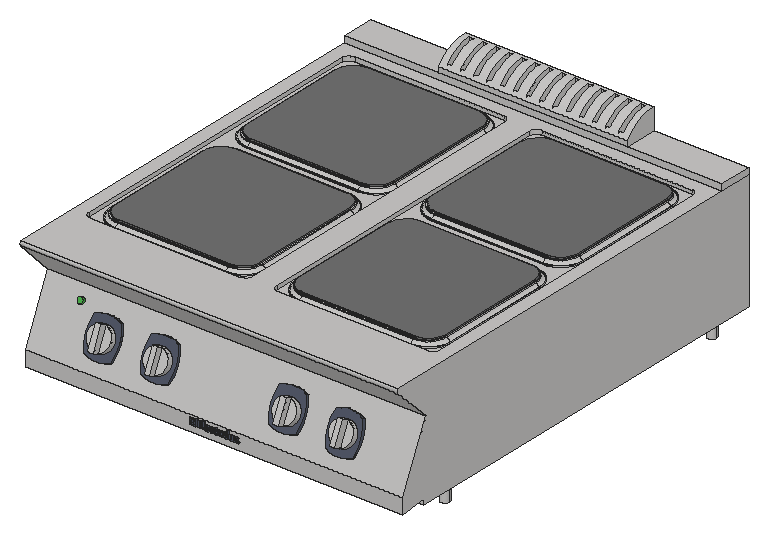
Revit family "QF_ELECTROLUXPROFESSIONAL_391166_E9ECEH4Q0N", category Specialty Equipment, Revit 2018
Family settings
  Round Connector Dimension = Use Diameter
  Part Type = Normal
  Work Plane-Based = No
  Always vertical = Yes
  Cut with Voids When Loaded = No
  Shared = No
  Room Calculation Point = No
Parameters
  Width = 800 mm  # constant formula
  Weight in Pounds = 69  # constant formula
  Watts = 16000 VA  # 16000 W
  Volts = 230 V  # constant formula
  URL Cutsheet = "www.electrolux.com/foodservice"
  URL = "www.electrolux.com/foodservice"
  Type Mark [instance] = ""
  Status [instance] = ""
  Specification by User [instance] = ""
  Specification by Manufacturer = ""
  Show Logo [instance] = yes
  Show Clearance [instance] = yes
  Serial Number = ""
  Seismic Rating = ""
  SMACNA No = ""
  Revision Code [instance] = ""
  Phase = 3  # constant formula
  Omniclass Number and Title = ""
  Number of Poles [instance] = 1
  NAFEM Spec ID Number = ""
  Model = "391166"
  Min Ckt Ampacity = 0 A
  Max Overcurrent Protection = 0 A
  Masterspec = ""
  Manufacturer = "ELECTROLUX"
  Item Number [instance] = ""
  Installed By [instance] = ""
  Identify Quantity as Lot [instance] = yes
  Height = 333 mm  # constant formula
  HP = "21.5 HP"
  Furnished By [instance] = ""
  Foodservice Equipment Identifier [instance] = yes
  FL Amps = if(Phase = 3, Watts / (Volts * 1.73), Watts / Volts)  # 40.2111 A
  Electrical Remarks [instance] = "230 V/3 ph/50/60 Hz"  # constant formula
  Electric Connection Type [instance] = ""
  Elec Conn RI Height [instance] = 0 mm
  Elec Conn Connection Height [instance] = 0 mm
  Direct Waste Size = 0"
  Description = "900XP 4 ELECTRIC HOT BOILING TOP PLATES 4kW -230V"
  Depth = 930 mm  # constant formula
  Cycle = if([60 Hertz Option], 60 Hz, 50 Hz)  # 60 Hz
  Conn Plug = ""
  Conn Conduit = yes
  CSI MasterFormat = ""
  CSI Master Format = ""
  Base Height [instance] = 24 mm  # constant formula
  Apparent Power = if(Phase = 3, Volts * FL Amps * 1.73, Volts * FL Amps)  # 16000 VA
  60 Hertz Option = not([50 Hertz Option])  # yes
  50 Hertz Option = no
Reference planes
  plane 1 "BACK": y = 0
  plane 2: z = 0
  plane 3 "LEFT": x = 0
  plane 4 "RIGHT": x = 800
  plane 5 "FRONT": y = -930
  plane 6 "TOP": z = 333
  plane 7 "Center Y": x = 400
  plane 8 "Center X": y = -465
  plane 9 "BASE": z = 24
  plane 10 "TOP A": z = 275
  plane 11: y = -790
  plane 12: y = -915
  plane 13: y = -82
  plane 14: y = -609
  plane 15: y = -583
Forms (mm)
  Extrusion 1, solid, material "QF_Finishes_Stainless Steel"
    sketch origin (0, 0, 0) x (0, 1, 0) y (0, 0, 1)
      loop
        line (0, 275) -> (-928.041, 275)
        arc (-928.041, 275) -> (-929.999, 270.526) -> (-928.201, 265.985) r 6.35
        line (-928.201, 265.985) -> (-856.039, 191.809) -> (-915, 63.041) -> (-915, 30.789) -> (-859.023, 36.7) -> (-859.023, 24) -> (0, 24) -> (0, 275)
    from 0 to 800
  Extrusion 2, void
    sketch origin (0, -198.623, 273.238) x (-1, 0, 0) y (0, -1, 0)
      loop
        arc (-42.5, -101.089) -> (-31.893, -96.696) -> (-27.5, -86.089) r 15
        line (-27.5, -86.089) -> (-27.5, 583.262)
        arc (-27.5, 583.262) -> (-31.893, 593.868) -> (-42.5, 598.262) r 15
        line (-42.5, 598.262) -> (-359.751, 598.262)
        arc (-359.751, 598.262) -> (-370.358, 593.868) -> (-374.751, 583.262) r 15
        line (-374.751, 583.262) -> (-374.751, -86.089)
        arc (-374.751, -86.089) -> (-370.358, -96.696) -> (-359.751, -101.089) r 15
        line (-359.751, -101.089) -> (-42.5, -101.089)
      loop
        line (-757.5, -101.089) -> (-440.249, -101.089)
        arc (-440.249, -101.089) -> (-429.642, -96.696) -> (-425.249, -86.089) r 15
        line (-425.249, -86.089) -> (-425.249, 583.262)
        arc (-425.249, 583.262) -> (-429.642, 593.868) -> (-440.249, 598.262) r 15
        line (-440.249, 598.262) -> (-757.5, 598.262)
        arc (-757.5, 598.262) -> (-768.107, 593.868) -> (-772.5, 583.262) r 15
        line (-772.5, 583.262) -> (-772.5, -86.089)
        arc (-772.5, -86.089) -> (-768.107, -96.696) -> (-757.5, -101.089) r 15
    from 1.763 to -6.35
  Extrusion 3, solid, material "QF_Finishes_Stainless Steel"
    sketch origin (0, -198.623, 0) x (1, 0, 0) y (0, 1, 0)
      loop
        circle (11.112, 116.623) r 9.525
      loop
        circle (11.112, -591.377) r 9.525
      loop
        circle (788.887, 116.623) r 9.525
      loop
        circle (788.888, -591.377) r 9.525
    from 0 to 24
  Extrusion 4, solid, material "QF_Clearances", visible <- "Show Clearance", detail levels coarse
    sketch origin (0, -198.623, 0) x (1, 0, 0) y (0, 1, 0)
      loop
        line (0, -731.377) -> (0, 198.623) -> (800, 198.623) -> (800, -731.377) -> (900.019, -731.377) -> (900.019, 298.642) -> (-100.019, 298.642) -> (-100.019, -731.377) -> (0, -731.377)
    from 0 to 333
  Extrusion 5, solid, material "QF_Finishes_Stainless Steel"
    sketch origin (0, -198.623, 266.888) x (-1, 0, 0) y (0, -1, 0)
      loop
        arc (-86.725, 266.377) -> (-58.441, 278.092) -> (-46.725, 306.377) r 40
        line (-46.725, 306.377) -> (-46.725, 541.377)
        arc (-46.725, 541.377) -> (-58.441, 569.661) -> (-86.725, 581.377) r 40
        line (-86.725, 581.377) -> (-321.725, 581.377)
        arc (-321.725, 581.377) -> (-350.009, 569.661) -> (-361.725, 541.377) r 40
        line (-361.725, 541.377) -> (-361.725, 306.377)
        arc (-361.725, 306.377) -> (-350.009, 278.092) -> (-321.725, 266.377) r 40
        line (-321.725, 266.377) -> (-86.725, 266.377)
      loop
        line (-86.725, 230.796) -> (-321.725, 230.796)
        arc (-321.725, 230.796) -> (-350.009, 219.08) -> (-361.725, 190.796) r 40
        line (-361.725, 190.796) -> (-361.725, -44.204)
        arc (-361.725, -44.204) -> (-350.009, -72.488) -> (-321.725, -84.204) r 40
        line (-321.725, -84.204) -> (-86.725, -84.204)
        arc (-86.725, -84.204) -> (-58.441, -72.488) -> (-46.725, -44.204) r 40
        line (-46.725, -44.204) -> (-46.725, 190.796)
        arc (-46.725, 190.796) -> (-58.441, 219.08) -> (-86.725, 230.796) r 40
      loop
        line (-713.275, 266.377) -> (-478.275, 266.377)
        arc (-478.275, 266.377) -> (-449.991, 278.092) -> (-438.275, 306.377) r 40
        line (-438.275, 306.377) -> (-438.275, 541.377)
        arc (-438.275, 541.377) -> (-449.991, 569.661) -> (-478.275, 581.377) r 40
        line (-478.275, 581.377) -> (-713.275, 581.377)
        arc (-713.275, 581.377) -> (-741.559, 569.661) -> (-753.275, 541.377) r 40
        line (-753.275, 541.377) -> (-753.275, 306.377)
        arc (-753.275, 306.377) -> (-741.559, 278.092) -> (-713.275, 266.377) r 40
      loop
        arc (-713.275, 230.796) -> (-741.559, 219.08) -> (-753.275, 190.796) r 40
        line (-753.275, 190.796) -> (-753.275, -44.204)
        arc (-753.275, -44.204) -> (-741.559, -72.488) -> (-713.275, -84.204) r 40
        line (-713.275, -84.204) -> (-478.275, -84.204)
        arc (-478.275, -84.204) -> (-449.991, -72.488) -> (-438.275, -44.204) r 40
        line (-438.275, -44.204) -> (-438.275, 190.796)
        arc (-438.275, 190.796) -> (-449.991, 219.08) -> (-478.275, 230.796) r 40
        line (-478.275, 230.796) -> (-713.275, 230.796)
    from 0 to 10
  Sweep 6, solid, material "QF_Finishes_Stainless Steel"
    path origin (0, -198.623, 276.888) x (-1, 0, 0) y (0, -1, 0)
      loop
        line (-46.725, 306.377) -> (-46.725, 541.377)
        arc (-46.725, 541.377) -> (-58.441, 569.661) -> (-86.725, 581.377) r 40
        line (-86.725, 581.377) -> (-321.725, 581.377)
        arc (-321.725, 581.377) -> (-350.009, 569.661) -> (-361.725, 541.377) r 40
        line (-361.725, 541.377) -> (-361.725, 306.377)
        arc (-361.725, 306.377) -> (-350.009, 278.092) -> (-321.725, 266.377) r 40
        line (-321.725, 266.377) -> (-86.725, 266.377)
        arc (-86.725, 266.377) -> (-58.441, 278.092) -> (-46.725, 306.377) r 40
    profile origin (46.725, -622.5, 276.888) x (1, 0, 0) y (0, 0, 1)
      loop
        arc (0, -1.759) -> (-2.638, -5.472) -> (-6.35, -8.109) r 13.651
        line (-6.35, -8.109) -> (-8.064, -8.109) -> (-8.064, -10) -> (0, -10) -> (0, -1.759)
  Sweep 7, solid, material "QF_Finishes_Stainless Steel"
    path origin (0, 151.957, 276.888) x (-1, 0, 0) y (0, -1, 0)
      loop
        line (-46.725, 306.377) -> (-46.725, 541.377)
        arc (-46.725, 541.377) -> (-58.441, 569.661) -> (-86.725, 581.377) r 40
        line (-86.725, 581.377) -> (-321.725, 581.377)
        arc (-321.725, 581.377) -> (-350.009, 569.661) -> (-361.725, 541.377) r 40
        line (-361.725, 541.377) -> (-361.725, 306.377)
        arc (-361.725, 306.377) -> (-350.009, 278.092) -> (-321.725, 266.377) r 40
        line (-321.725, 266.377) -> (-86.725, 266.377)
        arc (-86.725, 266.377) -> (-58.441, 278.092) -> (-46.725, 306.377) r 40
    profile origin (46.725, -271.919, 276.888) x (1, 0, 0) y (0, 0, 1)
      loop
        arc (0, -1.759) -> (-2.638, -5.472) -> (-6.35, -8.109) r 13.651
        line (-6.35, -8.109) -> (-8.064, -8.109) -> (-8.064, -10) -> (0, -10) -> (0, -1.759)
  Extrusion 8, solid, material "QF_Finishes_Rubber Black"
    sketch origin (0, -198.623, 276.888) x (-1, 0, 0) y (0, -1, 0)
      loop
        arc (-49.725, 190.796) -> (-60.562, 216.959) -> (-86.725, 227.796) r 37
        line (-86.725, 227.796) -> (-321.725, 227.796)
        arc (-321.725, 227.796) -> (-347.888, 216.959) -> (-358.725, 190.796) r 37
        line (-358.725, 190.796) -> (-358.725, -44.204)
        arc (-358.725, -44.204) -> (-347.888, -70.367) -> (-321.725, -81.204) r 37
        line (-321.725, -81.204) -> (-86.725, -81.204)
        arc (-86.725, -81.204) -> (-60.562, -70.367) -> (-49.725, -44.204) r 37
        line (-49.725, -44.204) -> (-49.725, 190.796)
      loop
        arc (-86.725, 269.377) -> (-60.562, 280.214) -> (-49.725, 306.377) r 37
        line (-49.725, 306.377) -> (-49.725, 541.377)
        arc (-49.725, 541.377) -> (-60.562, 567.54) -> (-86.725, 578.377) r 37
        line (-86.725, 578.377) -> (-321.725, 578.377)
        arc (-321.725, 578.377) -> (-347.888, 567.54) -> (-358.725, 541.377) r 37
        line (-358.725, 541.377) -> (-358.725, 306.377)
        arc (-358.725, 306.377) -> (-347.888, 280.214) -> (-321.725, 269.377) r 37
        line (-321.725, 269.377) -> (-86.725, 269.377)
      loop
        line (-750.275, 190.796) -> (-750.275, -44.204)
        arc (-750.275, -44.204) -> (-739.438, -70.367) -> (-713.275, -81.204) r 37
        line (-713.275, -81.204) -> (-478.275, -81.204)
        arc (-478.275, -81.204) -> (-452.112, -70.367) -> (-441.275, -44.204) r 37
        line (-441.275, -44.204) -> (-441.275, 190.796)
        arc (-441.275, 190.796) -> (-452.112, 216.959) -> (-478.275, 227.796) r 37
        line (-478.275, 227.796) -> (-713.275, 227.796)
        arc (-713.275, 227.796) -> (-739.438, 216.959) -> (-750.275, 190.796) r 37
      loop
        line (-713.275, 269.377) -> (-478.275, 269.377)
        arc (-478.275, 269.377) -> (-452.112, 280.214) -> (-441.275, 306.377) r 37
        line (-441.275, 306.377) -> (-441.275, 541.377)
        arc (-441.275, 541.377) -> (-452.112, 567.54) -> (-478.275, 578.377) r 37
        line (-478.275, 578.377) -> (-713.275, 578.377)
        arc (-713.275, 578.377) -> (-739.438, 567.54) -> (-750.275, 541.377) r 37
        line (-750.275, 541.377) -> (-750.275, 306.377)
        arc (-750.275, 306.377) -> (-739.438, 280.214) -> (-713.275, 269.377) r 37
    from 0 to 2
  Extrusion 9, solid, material "QF_Finishes_Green"
    sketch origin (0, -915, 63.041) x (0, 0.416318, 0.909219) y (-1, 0, 0)
      loop
        circle (111.946, -80.648) r 6.35
    from 0 to 3.175
  Extrusion 10, solid, material "QF_Finishes_Stainless Steel"
    sketch origin (-24.783, -926.544, 74) x (0, 0.421077, 0.907025) y (-1, 0, 0)
      loop
        arc (85.433, -567.049) -> (86.101, -561.263) -> (85.433, -555.477) r 25.4
        line (85.433, -555.477) -> (35.969, -555.477)
        arc (35.969, -555.477) -> (35.301, -561.263) -> (35.969, -567.049) r 25.4
        line (35.969, -567.049) -> (85.433, -567.049)
      loop
        arc (85.433, -687.049) -> (86.101, -681.263) -> (85.433, -675.477) r 25.4
        line (85.433, -675.477) -> (35.969, -675.477)
        arc (35.969, -675.477) -> (35.301, -681.263) -> (35.969, -687.049) r 25.4
        line (35.969, -687.049) -> (85.433, -687.049)
      loop
        line (85.433, -282.517) -> (35.969, -282.517)
        arc (35.969, -282.517) -> (35.301, -288.303) -> (35.969, -294.089) r 25.4
        line (35.969, -294.089) -> (85.433, -294.089)
        arc (85.433, -294.089) -> (86.101, -288.303) -> (85.433, -282.517) r 25.4
      loop
        line (85.433, -162.517) -> (35.969, -162.517)
        arc (35.969, -162.517) -> (35.301, -168.303) -> (35.969, -174.089) r 25.4
        line (35.969, -174.089) -> (85.433, -174.089)
        arc (85.433, -174.089) -> (86.101, -168.303) -> (85.433, -162.517) r 25.4
    from 0 to 12.7
  Extrusion 11, solid, material "QF_Finishes_Stainless Steel"
    sketch origin (417.5, -915.025, 66.777) x (0, 0.421077, 0.907025) y (-1, 0, 0)
      loop
        circle (62.576, -119.037) r 25.4
      loop
        circle (62.576, -239.037) r 25.4
      loop
        circle (62.576, 154.037) r 25.4
      loop
        circle (62.576, 274.037) r 25.4
    from 0 to 12.7
  Extrusion 12, solid, material "QF_Finishes_Stainless Steel"
    sketch origin (0, -300.223, 24) x (-1, 0, 0) y (0, 1, 0)
      loop
        circle (-649, -308.777) r 12.7
    from 0 to 12.7
  Extrusion 13, solid, material "QF_Finishes_Stainless Steel"
    sketch origin (0, -300.223, 24) x (-1, 0, 0) y (0, 1, 0)
      loop
        circle (-739, -282.777) r 12.7
    from 0 to 12.7
  Extrusion 14, solid, material "QF_Finishes_Navy Blue - Electrolux"
    sketch origin (0, -915, 63.041) x (0, 0.416318, 0.909219) y (-1, 0, 0)
      loop
        arc (103.364, -507.24) -> (68.487, -500.223) -> (33.619, -507.285) r 89.894
        arc (33.619, -507.285) -> (26.924, -535.815) -> (33.619, -564.346) r 64.14
        arc (33.619, -564.346) -> (68.487, -571.411) -> (103.364, -564.39) r 89.853
        arc (103.364, -564.39) -> (110.078, -535.815) -> (103.364, -507.24) r 64.16
      loop
        arc (100.864, -627.597) -> (65.987, -620.58) -> (31.119, -627.641) r 89.894
        arc (31.119, -627.641) -> (24.424, -656.172) -> (31.119, -684.703) r 64.14
        arc (31.119, -684.703) -> (65.987, -691.768) -> (100.864, -684.747) r 89.853
        arc (100.864, -684.747) -> (107.578, -656.172) -> (100.864, -627.597) r 64.16
      loop
        arc (103.364, -292.76) -> (110.078, -264.185) -> (103.364, -235.61) r 64.16
        arc (103.364, -235.61) -> (68.487, -228.589) -> (33.619, -235.654) r 89.853
        arc (33.619, -235.654) -> (26.924, -264.185) -> (33.619, -292.715) r 64.14
        arc (33.619, -292.715) -> (68.487, -299.777) -> (103.364, -292.76) r 89.894
      loop
        arc (100.864, -172.403) -> (107.578, -143.828) -> (100.864, -115.253) r 64.16
        arc (100.864, -115.253) -> (65.987, -108.232) -> (31.119, -115.297) r 89.853
        arc (31.119, -115.297) -> (24.424, -143.828) -> (31.119, -172.359) r 64.14
        arc (31.119, -172.359) -> (65.987, -179.42) -> (100.864, -172.403) r 89.894
    from 0 to 4
  Extrusion 15, solid, material "QF_Finishes_Stainless Steel"
    sketch origin (200, 0, 0) x (0, 1, 0) y (0, 0, 1)
      loop
        line (0, 287.778) -> (0, 333.762)
        arc (0, 333.762) -> (-38.885, 325.372) -> (-69.85, 300.4) r 86.116
        line (-69.85, 300.4) -> (-69.85, 287.778) -> (0, 287.778)
    from 0 to 400
  Extrusion 16, void
    sketch origin (200, 0, 273.237) x (-1, 0, 0) y (0, -1, 0)
      loop
        line (-13.453, 6.761) -> (-13.453, 63.911) -> (-22.749, 63.911) -> (-22.749, 6.761) -> (-13.453, 6.761)
    from 25.4 to 63.5
  Extrusion 17, void
    sketch origin (600.05, 0, 273.237) x (1, 0, 0) y (0, 1, 0)
      loop
        line (-13.503, -6.761) -> (-22.799, -6.761) -> (-22.799, -63.911) -> (-13.503, -63.911) -> (-13.503, -6.761)
    from 25.4 to 63.5
  Extrusion 18, void
    sketch origin (227.988, 0, 273.237) x (-1, 0, 0) y (0, -1, 0)
      loop
        line (-13.453, 6.761) -> (-13.453, 63.911) -> (-22.749, 63.911) -> (-22.749, 6.761) -> (-13.453, 6.761)
    from 25.4 to 63.5
  Extrusion 19, void
    sketch origin (255.977, 0, 273.237) x (-1, 0, 0) y (0, -1, 0)
      loop
        line (-13.453, 6.761) -> (-13.453, 63.911) -> (-22.749, 63.911) -> (-22.749, 6.761) -> (-13.453, 6.761)
    from 25.4 to 63.5
  Extrusion 20, void
    sketch origin (283.965, 0, 273.237) x (-1, 0, 0) y (0, -1, 0)
      loop
        line (-13.428, 6.761) -> (-13.428, 63.911) -> (-22.724, 63.911) -> (-22.724, 6.761) -> (-13.428, 6.761)
    from 25.4 to 63.5
  Extrusion 21, void
    sketch origin (311.953, 0, 273.237) x (-1, 0, 0) y (0, -1, 0)
      loop
        line (-13.428, 6.761) -> (-13.428, 63.911) -> (-22.724, 63.911) -> (-22.724, 6.761) -> (-13.428, 6.761)
    from 25.4 to 63.5
  Extrusion 22, void
    sketch origin (339.942, 0, 273.237) x (-1, 0, 0) y (0, -1, 0)
      loop
        line (-13.428, 6.761) -> (-13.428, 63.911) -> (-22.724, 63.911) -> (-22.724, 6.761) -> (-13.428, 6.761)
    from 25.4 to 63.5
  Extrusion 23, void
    sketch origin (367.93, 0, 273.237) x (-1, 0, 0) y (0, -1, 0)
      loop
        line (-13.428, 6.761) -> (-13.428, 63.911) -> (-22.724, 63.911) -> (-22.724, 6.761) -> (-13.428, 6.761)
    from 25.4 to 63.5
  Extrusion 24, void
    sketch origin (395.918, 0, 273.237) x (-1, 0, 0) y (0, -1, 0)
      loop
        line (-13.428, 6.761) -> (-13.428, 63.911) -> (-22.724, 63.911) -> (-22.724, 6.761) -> (-13.428, 6.761)
    from 25.4 to 63.5
  Extrusion 25, void
    sketch origin (423.907, 0, 273.237) x (-1, 0, 0) y (0, -1, 0)
      loop
        line (-13.428, 6.761) -> (-13.428, 63.911) -> (-22.724, 63.911) -> (-22.724, 6.761) -> (-13.428, 6.761)
    from 25.4 to 63.5
  Extrusion 26, void
    sketch origin (451.895, 0, 273.237) x (-1, 0, 0) y (0, -1, 0)
      loop
        line (-13.428, 6.761) -> (-13.428, 63.911) -> (-22.724, 63.911) -> (-22.724, 6.761) -> (-13.428, 6.761)
    from 25.4 to 63.5
  Extrusion 27, void
    sketch origin (479.884, 0, 273.237) x (-1, 0, 0) y (0, -1, 0)
      loop
        line (-13.403, 6.761) -> (-13.403, 63.911) -> (-22.699, 63.911) -> (-22.699, 6.761) -> (-13.403, 6.761)
    from 25.4 to 63.5
  Extrusion 28, void
    sketch origin (507.872, 0, 273.237) x (-1, 0, 0) y (0, -1, 0)
      loop
        line (-13.403, 6.761) -> (-13.403, 63.911) -> (-22.699, 63.911) -> (-22.699, 6.761) -> (-13.403, 6.761)
    from 25.4 to 63.5
  Extrusion 29, void
    sketch origin (535.86, 0, 273.237) x (-1, 0, 0) y (0, -1, 0)
      loop
        line (-13.403, 6.761) -> (-13.403, 63.911) -> (-22.699, 63.911) -> (-22.699, 6.761) -> (-13.403, 6.761)
    from 25.4 to 63.5
  Sweep 30, solid, material "QF_Finishes_Stainless Steel"
    path origin (800, -198.623, 276.887) x (1, 0, 0) y (0, 1, 0)
      loop
        arc (-46.725, -306.377) -> (-58.441, -278.092) -> (-86.725, -266.377) r 40
        line (-86.725, -266.377) -> (-321.725, -266.377)
        arc (-321.725, -266.377) -> (-350.009, -278.092) -> (-361.725, -306.377) r 40
        line (-361.725, -306.377) -> (-361.725, -541.377)
        arc (-361.725, -541.377) -> (-350.009, -569.661) -> (-321.725, -581.377) r 40
        line (-321.725, -581.377) -> (-86.725, -581.377)
        arc (-86.725, -581.377) -> (-58.441, -569.661) -> (-46.725, -541.377) r 40
        line (-46.725, -541.377) -> (-46.725, -306.377)
    profile origin (753.275, -622.5, 276.888) x (1, 0, 0) y (0, 0, 1)
      loop
        line (0, -1.759) -> (0, -10) -> (8.064, -10) -> (8.064, -8.109) -> (6.35, -8.109)
        arc (6.35, -8.109) -> (2.638, -5.472) -> (0, -1.759) r 13.651
  Sweep 31, solid, material "QF_Finishes_Stainless Steel"
    path origin (800, 151.957, 276.887) x (1, 0, 0) y (0, 1, 0)
      loop
        arc (-46.725, -306.377) -> (-58.441, -278.092) -> (-86.725, -266.377) r 40
        line (-86.725, -266.377) -> (-321.725, -266.377)
        arc (-321.725, -266.377) -> (-350.009, -278.092) -> (-361.725, -306.377) r 40
        line (-361.725, -306.377) -> (-361.725, -541.377)
        arc (-361.725, -541.377) -> (-350.009, -569.661) -> (-321.725, -581.377) r 40
        line (-321.725, -581.377) -> (-86.725, -581.377)
        arc (-86.725, -581.377) -> (-58.441, -569.661) -> (-46.725, -541.377) r 40
        line (-46.725, -541.377) -> (-46.725, -306.377)
    profile origin (753.275, -271.919, 276.888) x (1, 0, 0) y (0, 0, 1)
      loop
        line (0, -1.759) -> (0, -10) -> (8.064, -10) -> (8.064, -8.109) -> (6.35, -8.109)
        arc (6.35, -8.109) -> (2.638, -5.472) -> (0, -1.759) r 13.651
  Extrusion 32, solid, material "QF_Finishes_Navy Blue", visible <- "Show Logo"
    sketch origin (0, -915, 31.09) x (0, 0, 1) y (-1, 0, 0)
      loop
        line (27.074, -357.34) -> (14.707, -357.34)
        arc (14.707, -357.34) -> (20.891, -361.912) -> (27.074, -357.34) r 6.467
      loop
        arc (27.074, -356.711) -> (25.905, -351.568) -> (21.249, -349.09) r 6.338
        line (21.249, -349.09) -> (21.249, -351.136)
        arc (21.249, -351.136) -> (22.733, -354.791) -> (26.178, -356.711) r 5.941
        line (26.178, -356.711) -> (27.074, -356.711)
      loop
        arc (15.603, -356.711) -> (19.048, -354.791) -> (20.532, -351.136) r 5.941
        line (20.532, -351.136) -> (20.532, -349.09)
        arc (20.532, -349.09) -> (15.838, -351.564) -> (14.548, -356.711) r 6.504
        line (14.548, -356.711) -> (15.603, -356.711)
      loop
        line (27.749, -348.621) -> (14.004, -348.621) -> (14.004, -362.384) -> (27.749, -362.384) -> (27.749, -348.621)
      loop
        arc (27.832, -365.352) -> (27.485, -364.994) -> (27.118, -365.332) r 0.358
        arc (27.118, -365.332) -> (26.804, -366.082) -> (26.087, -366.467) r 1.216
        line (26.087, -366.467) -> (15.674, -366.467)
        arc (15.674, -366.467) -> (15.014, -366.19) -> (14.618, -365.593) r 1.238
        arc (14.618, -365.593) -> (14.223, -365.342) -> (13.918, -365.696) r 0.358
        line (13.918, -365.696) -> (13.918, -375.575) -> (16.669, -375.575) -> (16.669, -374.678)
        arc (16.669, -374.678) -> (15.76, -374.098) -> (15.304, -373.121) r 1.928
        line (15.304, -373.121) -> (15.304, -370.622)
        arc (15.304, -370.622) -> (15.58, -369.893) -> (16.268, -369.529) r 1.101
        line (16.268, -369.529) -> (20.355, -369.529) -> (20.355, -373.203)
        arc (20.355, -373.203) -> (20.002, -373.7) -> (19.437, -373.928) r 1.083
        arc (19.437, -373.928) -> (19.173, -374.233) -> (19.465, -374.511) r 0.292
        line (19.465, -374.511) -> (22.428, -374.511)
        arc (22.428, -374.511) -> (22.73, -374.238) -> (22.492, -373.908) r 0.305
        arc (22.492, -373.908) -> (22.001, -373.66) -> (21.696, -373.203) r 1.083
        line (21.696, -373.203) -> (21.696, -369.529) -> (26.373, -369.529) -> (26.373, -373.277)
        arc (26.373, -373.277) -> (26.159, -374.032) -> (25.553, -374.53) r 1.314
        arc (25.553, -374.53) -> (25.334, -374.934) -> (25.688, -375.227) r 0.361
        line (25.688, -375.227) -> (27.832, -375.227) -> (27.832, -365.352)
      loop
        arc (27.115, -376.007) -> (26.735, -376.926) -> (25.816, -377.306) r 1.299
        line (25.816, -377.306) -> (16.237, -377.306)
        arc (16.237, -377.306) -> (15.399, -376.928) -> (15.128, -376.05) r 1.118
        line (15.128, -376.05) -> (13.918, -376.05) -> (13.918, -381.4) -> (15.106, -381.4)
        arc (15.106, -381.4) -> (15.378, -380.483) -> (16.248, -380.087) r 1.153
        line (16.248, -380.087) -> (28.32, -380.087) -> (27.115, -376.007)
      loop
        line (18.883, -384.036) -> (18.883, -390.484) -> (19.682, -390.484)
        arc (19.682, -390.484) -> (22.262, -389.499) -> (23.531, -387.046) r 3.874
        line (23.531, -387.046) -> (23.531, -385.285)
        arc (23.531, -385.285) -> (22.344, -382.42) -> (19.48, -381.234) r 4.051
        line (19.48, -381.234) -> (17.472, -381.234)
        arc (17.472, -381.234) -> (14.653, -382.719) -> (13.602, -385.726) r 4.352
        arc (13.602, -385.726) -> (13.966, -388.189) -> (15.343, -390.264) r 5.713
        line (15.343, -390.264) -> (16.292, -390.264)
        arc (16.292, -390.264) -> (15.56, -388.694) -> (15.343, -386.976) r 5.579
        arc (15.343, -386.976) -> (16.137, -385.013) -> (18.016, -384.036) r 3.057
        line (18.016, -384.036) -> (18.883, -384.036)
      loop
        line (20.142, -384.036) -> (20.142, -387.619)
        arc (20.142, -387.619) -> (21.599, -387.666) -> (22.482, -386.506) r 1.59
        line (22.482, -386.506) -> (22.482, -385.676)
        arc (22.482, -385.676) -> (21.617, -384.421) -> (20.142, -384.036) r 2.184
      loop
        arc (22.933, -399.901) -> (23.422, -398.227) -> (23.579, -396.49) r 9.023
        line (23.579, -396.49) -> (23.579, -395.128)
        arc (23.579, -395.128) -> (22.42, -392.328) -> (19.62, -391.169) r 3.959
        line (19.62, -391.169) -> (17.02, -391.169)
        arc (17.02, -391.169) -> (14.738, -392.461) -> (13.621, -394.834) r 4.331
        line (13.621, -394.834) -> (13.621, -396.969)
        arc (13.621, -396.969) -> (14.129, -398.519) -> (15.051, -399.865) r 5.772
        arc (15.051, -399.865) -> (15.812, -399.916) -> (15.899, -399.157) r 0.553
        arc (15.899, -399.157) -> (15.511, -398.423) -> (15.377, -397.604) r 2.573
        line (15.377, -397.604) -> (15.377, -396.089)
        arc (15.377, -396.089) -> (16.383, -394.448) -> (18.198, -393.805) r 2.884
        line (18.198, -393.805) -> (19.477, -393.805)
        arc (19.477, -393.805) -> (21.298, -394.365) -> (22.224, -396.03) r 2.554
        line (22.224, -396.03) -> (22.224, -397.083)
        arc (22.224, -397.083) -> (21.893, -398.011) -> (21.236, -398.746) r 2.564
        arc (21.236, -398.746) -> (21.014, -399.463) -> (21.623, -399.901) r 0.643
        line (21.623, -399.901) -> (22.933, -399.901)
      loop
        line (21.915, -400.172) -> (21.915, -401.673) -> (15.867, -401.673)
        arc (15.867, -401.673) -> (14.279, -402.33) -> (13.621, -403.918) r 2.246
        line (13.621, -403.918) -> (13.621, -405.502)
        arc (13.621, -405.502) -> (13.935, -406.367) -> (14.435, -407.138) r 4.06
        arc (14.435, -407.138) -> (15.168, -407.271) -> (15.419, -406.57) r 0.576
        arc (15.419, -406.57) -> (15.313, -406.045) -> (15.377, -405.512) r 1.69
        arc (15.377, -405.512) -> (15.919, -404.724) -> (16.825, -404.421) r 1.506
        line (16.825, -404.421) -> (21.963, -404.421) -> (21.963, -406.818) -> (22.519, -407.375) -> (23.341, -407.375) -> (23.341, -404.515) -> (26.572, -404.515) -> (21.915, -400.172)
      loop
        line (13.838, -408.272) -> (13.838, -413.659) -> (14.948, -413.659)
        arc (14.948, -413.659) -> (15.342, -412.708) -> (16.293, -412.314) r 1.345
        line (16.293, -412.314) -> (19.909, -412.314)
        arc (19.909, -412.314) -> (20.674, -412.906) -> (20.964, -413.828) r 1.615
        line (20.964, -413.828) -> (20.964, -415.384) -> (23.519, -416.069) -> (23.519, -414.686) -> (21.577, -412.127) -> (23.457, -412.127) -> (23.173, -409.421)
        arc (23.173, -409.421) -> (22.733, -408.891) -> (22.074, -409.092) r 0.621
        arc (22.074, -409.092) -> (21.674, -409.434) -> (21.18, -409.617) r 1.501
        line (21.18, -409.617) -> (16.293, -409.617)
        arc (16.293, -409.617) -> (15.342, -409.223) -> (14.948, -408.272) r 1.345
        line (14.948, -408.272) -> (13.838, -408.272)
      loop
        line (19.94, -415.606) -> (17.248, -415.606)
        arc (17.248, -415.606) -> (14.803, -416.914) -> (13.669, -419.445) r 4.288
        arc (13.669, -419.445) -> (13.605, -420.825) -> (13.669, -422.205) r 15.022
        arc (13.669, -422.205) -> (14.803, -424.736) -> (17.248, -426.043) r 4.288
        line (17.248, -426.043) -> (19.94, -426.043)
        arc (19.94, -426.043) -> (22.386, -424.736) -> (23.519, -422.205) r 4.288
        arc (23.519, -422.205) -> (23.583, -420.825) -> (23.519, -419.445) r 15.022
        arc (23.519, -419.445) -> (22.386, -416.914) -> (19.94, -415.606) r 4.288
      loop
        line (20.145, -418.721) -> (17.043, -418.721)
        arc (17.043, -418.721) -> (14.886, -420.877) -> (17.043, -423.034) r 2.157
        line (17.043, -423.034) -> (20.145, -423.034)
        arc (20.145, -423.034) -> (22.302, -420.877) -> (20.145, -418.721) r 2.157
      loop
        arc (27.126, -425.902) -> (26.755, -426.796) -> (25.861, -427.166) r 1.264
        line (25.861, -427.166) -> (15.997, -427.166)
        arc (15.997, -427.166) -> (15.127, -426.769) -> (14.855, -425.853) r 1.153
        line (14.855, -425.853) -> (13.918, -425.853) -> (13.918, -430.961) -> (14.846, -430.961)
        arc (14.846, -430.961) -> (15.205, -430.189) -> (15.997, -429.874) r 1.153
        line (15.997, -429.874) -> (28.32, -429.874) -> (27.126, -425.902)
      loop
        arc (22.246, -430.499) -> (22.047, -431.563) -> (21.078, -432.045) r 1.215
        line (21.078, -432.045) -> (16.058, -432.045)
        arc (16.058, -432.045) -> (14.443, -432.693) -> (13.722, -434.276) r 2.338
        line (13.722, -434.276) -> (13.722, -435.79)
        arc (13.722, -435.79) -> (13.897, -436.794) -> (14.399, -437.68) r 2.979
        line (14.399, -437.68) -> (13.918, -439.477) -> (13.918, -441.166) -> (23.343, -441.166) -> (23.049, -436.962) -> (22.263, -436.962)
        arc (22.263, -436.962) -> (21.907, -437.798) -> (21.155, -438.307) r 1.605
        line (21.155, -438.307) -> (16.052, -438.307)
        arc (16.052, -438.307) -> (15.632, -437.37) -> (15.559, -436.346) r 2.94
        arc (15.559, -436.346) -> (16.12, -435.245) -> (17.273, -434.802) r 1.724
        line (17.273, -434.802) -> (23.47, -434.802) -> (22.246, -430.499)
      loop
        line (23.274, -442.019) -> (21.602, -444.065) -> (18.428, -446.371) -> (14.972, -443.259)
        arc (14.972, -443.259) -> (14.735, -442.865) -> (14.757, -442.406) r 0.789
        line (14.757, -442.406) -> (13.918, -442.406) -> (13.918, -445.951) -> (14.744, -445.951)
        arc (14.744, -445.951) -> (15.086, -445.589) -> (15.576, -445.681) r 0.52
        line (15.576, -445.681) -> (17.376, -447.152) -> (15.258, -448.528)
        arc (15.258, -448.528) -> (14.857, -448.218) -> (14.77, -447.718) r 0.7
        line (14.77, -447.718) -> (13.918, -447.718) -> (13.918, -453.645) -> (14.805, -453.645)
        arc (14.805, -453.645) -> (14.872, -452.986) -> (15.266, -452.455) r 1.247
        line (15.266, -452.455) -> (19.466, -449.174) -> (21.913, -451.227) -> (23.274, -452.969) -> (23.274, -449.246) -> (21.789, -449.668) -> (20.268, -448.391) -> (21.968, -447.201) -> (23.274, -447.978) -> (23.274, -442.019)
    from 0 to 1.644
  Extrusion 33, solid, material "QF_Finishes_Stainless Steel"
    sketch origin (800, 0, 0) x (0, 1, 0) y (0, 0, 1)
      loop
        line (-69.85, 275) -> (0, 275) -> (0, 287.778) -> (-69.85, 287.778) -> (-69.85, 275)
    from 0 to -800
Cuts and joins
  Extrusion 2 cuts Extrusion 1
  Extrusion 2 cuts Extrusion 5
  Extrusion 16, Extrusion 17, Extrusion 18, Extrusion 19, Extrusion 20, Extrusion 21, Extrusion 22, Extrusion 23, Extrusion 24, Extrusion 25, Extrusion 26, Extrusion 27, Extrusion 28, Extrusion 29 cuts Extrusion 15
Lines and regions (mm)
  symbolic lines, style "QF_Clearances", visible <- "Show Clearance", detail levels coarse
    curve 1: line (-100.019, 100.019, 275) -> (-100.019, -930, 275)
    curve 2: line (900.019, 100.019, 275) -> (-100.019, 100.019, 275)
    curve 3: line (900.019, -930, 275) -> (900.019, 100.019, 275)
  symbolic lines
    curve 4: line (400, -930, 275) -> (0, -930, 275)
    curve 5: line (27.5, -781.885, 266.888) -> (27.5, -112.534, 266.888)
    curve 6: line (42.5, -97.534, 266.888) -> (359.751, -97.534, 266.887)
    curve 7: line (374.751, -112.534, 266.887) -> (374.751, -781.885, 266.887)
    curve 8: line (359.751, -796.885, 266.887) -> (42.5, -796.885, 266.888)
    curve 9: arc (42.5, -97.534, 266.888) -> (31.893, -101.928, 266.888) -> (27.5, -112.534, 266.888) r 15
    curve 10: arc (374.751, -112.534, 266.887) -> (370.358, -101.928, 266.887) -> (359.751, -97.534, 266.887) r 15
    curve 11: arc (359.751, -796.885, 266.887) -> (370.358, -792.492, 266.887) -> (374.751, -781.885, 266.887) r 15
    curve 12: arc (27.5, -781.885, 266.888) -> (31.893, -792.492, 266.888) -> (42.5, -796.885, 266.888) r 15
    curve 13: arc (86.725, -117.419, 266.888) -> (60.562, -128.256, 266.888) -> (49.725, -154.419, 266.888) r 37
    curve 14: line (49.725, -154.419, 266.888) -> (49.725, -389.419, 266.888)
    curve 15: arc (49.725, -389.419, 266.888) -> (60.562, -415.582, 266.888) -> (86.725, -426.419, 266.888) r 37
    curve 16: line (86.725, -426.419, 266.888) -> (321.725, -426.419, 266.887)
    curve 17: arc (321.725, -426.419, 266.887) -> (347.888, -415.582, 266.887) -> (358.725, -389.419, 266.887) r 37
    curve 18: line (358.725, -389.419, 266.887) -> (358.725, -154.419, 266.887)
    curve 19: arc (358.725, -154.419, 266.887) -> (347.888, -128.256, 266.887) -> (321.725, -117.419, 266.887) r 37
    curve 20: line (321.725, -117.419, 266.887) -> (86.725, -117.419, 266.888)
    curve 21: arc (86.725, -114.419, 266.888) -> (58.441, -126.135, 266.888) -> (46.725, -154.419, 266.888) r 40
    curve 22: line (46.725, -154.419, 266.888) -> (46.725, -389.419, 266.888)
    curve 23: arc (46.725, -389.419, 266.888) -> (58.441, -417.704, 266.888) -> (86.725, -429.419, 266.888) r 40
    curve 24: line (86.725, -429.419, 266.888) -> (321.725, -429.419, 266.887)
    curve 25: arc (321.725, -429.419, 266.887) -> (350.009, -417.704, 266.887) -> (361.725, -389.419, 266.887) r 40
    curve 26: line (361.725, -389.419, 266.887) -> (361.725, -154.419, 266.887)
    curve 27: arc (361.725, -154.419, 266.887) -> (350.009, -126.135, 266.887) -> (321.725, -114.419, 266.887) r 40
    curve 28: line (321.725, -114.419, 266.887) -> (86.725, -114.419, 266.888)
    curve 29: arc (40.375, -154.419, 266.888) -> (53.951, -121.645, 266.888) -> (86.725, -108.069, 266.888) r 46.35
    curve 30: line (86.725, -108.069, 266.888) -> (321.725, -108.069, 266.887)
    curve 31: arc (321.725, -108.069, 266.887) -> (354.499, -121.645, 266.887) -> (368.075, -154.419, 266.887) r 46.35
    curve 32: line (368.075, -154.419, 266.887) -> (368.075, -389.419, 266.887)
    curve 33: arc (368.075, -389.419, 266.887) -> (354.499, -422.194, 266.887) -> (321.725, -435.769, 266.887) r 46.35
    curve 34: line (321.725, -435.769, 266.887) -> (86.725, -435.769, 266.888)
    curve 35: arc (86.725, -435.769, 266.888) -> (53.951, -422.194, 266.888) -> (40.375, -389.419, 266.888) r 46.35
    curve 36: line (40.375, -389.419, 266.888) -> (40.375, -154.419, 266.888)
    curve 37: arc (86.725, -106.355, 266.888) -> (52.738, -120.433, 266.888) -> (38.661, -154.419, 266.888) r 48.064
    curve 38: line (38.661, -154.419, 266.888) -> (38.661, -389.419, 266.888)
    curve 39: arc (38.661, -389.419, 266.888) -> (52.738, -423.406, 266.888) -> (86.725, -437.484, 266.888) r 48.064
    curve 40: line (86.725, -437.484, 266.888) -> (321.725, -437.484, 266.887)
    curve 41: arc (321.725, -437.484, 266.887) -> (355.712, -423.406, 266.887) -> (369.789, -389.419, 266.887) r 48.064
    curve 42: line (369.789, -389.419, 266.887) -> (369.789, -154.419, 266.887)
    curve 43: arc (369.789, -154.419, 266.887) -> (355.712, -120.433, 266.887) -> (321.725, -106.355, 266.887) r 48.064
    curve 44: line (321.725, -106.355, 266.887) -> (86.725, -106.355, 266.888)
    curve 45: arc (86.725, -465, 266.888) -> (58.441, -476.716, 266.888) -> (46.725, -505, 266.888) r 40
    curve 46: line (46.725, -505, 266.888) -> (46.725, -740, 266.888)
    curve 47: arc (46.725, -740, 266.888) -> (58.441, -768.284, 266.888) -> (86.725, -780, 266.888) r 40
    curve 48: line (86.725, -780, 266.888) -> (321.725, -780, 266.887)
    curve 49: arc (321.725, -780, 266.887) -> (350.009, -768.284, 266.887) -> (361.725, -740, 266.887) r 40
    curve 50: line (361.725, -740, 266.887) -> (361.725, -505, 266.887)
    curve 51: arc (361.725, -505, 266.887) -> (350.009, -476.716, 266.887) -> (321.725, -465, 266.887) r 40
    curve 52: line (321.725, -465, 266.887) -> (86.725, -465, 266.888)
    curve 53: arc (86.725, -468, 266.888) -> (60.562, -478.837, 266.888) -> (49.725, -505, 266.888) r 37
    curve 54: line (49.725, -505, 266.888) -> (49.725, -740, 266.888)
    curve 55: arc (49.725, -740, 266.888) -> (60.562, -766.163, 266.888) -> (86.725, -777, 266.888) r 37
    curve 56: line (86.725, -777, 266.888) -> (321.725, -777, 266.887)
    curve 57: arc (321.725, -777, 266.887) -> (347.888, -766.163, 266.887) -> (358.725, -740, 266.887) r 37
    curve 58: line (358.725, -740, 266.887) -> (358.725, -505, 266.887)
    curve 59: arc (358.725, -505, 266.887) -> (347.888, -478.837, 266.887) -> (321.725, -468, 266.887) r 37
    curve 60: line (321.725, -468, 266.887) -> (86.725, -468, 266.888)
    curve 61: line (0, -930, 266.888) -> (0, 0, 266.888)
    curve 62: line (222.724, -6.761, 275) -> (222.724, -63.911, 275)
    curve 63: line (222.724, -63.911, 275) -> (213.428, -63.911, 275)
    curve 64: line (213.428, -63.911, 275) -> (213.428, -6.761, 275)
    curve 65: line (213.428, -6.761, 275) -> (222.724, -6.761, 275)
    curve 66: line (586.547, -6.761, 275) -> (586.547, -63.911, 275)
    curve 67: line (586.547, -63.911, 275) -> (577.251, -63.911, 275)
    curve 68: line (577.251, -63.911, 275) -> (577.251, -6.761, 275)
    curve 69: line (577.251, -6.761, 275) -> (586.547, -6.761, 275)
    curve 70: line (250.712, -6.761, 275) -> (250.712, -63.911, 275)
    curve 71: line (250.712, -63.911, 275) -> (241.416, -63.911, 275)
    curve 72: line (241.416, -63.911, 275) -> (241.416, -6.761, 275)
    curve 73: line (241.416, -6.761, 275) -> (250.712, -6.761, 275)
    curve 74: line (278.7, -6.761, 275) -> (278.7, -63.911, 275)
    curve 75: line (278.7, -63.911, 275) -> (269.405, -63.911, 275)
    curve 76: line (269.405, -63.911, 275) -> (269.405, -6.761, 275)
    curve 77: line (269.405, -6.761, 275) -> (278.7, -6.761, 275)
    curve 78: line (306.689, -6.761, 275) -> (306.689, -63.911, 275)
    curve 79: line (306.689, -63.911, 275) -> (297.393, -63.911, 275)
    curve 80: line (297.393, -63.911, 275) -> (297.393, -6.761, 275)
    curve 81: line (297.393, -6.761, 275) -> (306.689, -6.761, 275)
    curve 82: line (334.677, -6.761, 275) -> (334.677, -63.911, 275)
    curve 83: line (334.677, -63.911, 275) -> (325.381, -63.911, 275)
    curve 84: line (325.381, -63.911, 275) -> (325.381, -6.761, 275)
    curve 85: line (325.381, -6.761, 275) -> (334.677, -6.761, 275)
    curve 86: line (362.665, -6.761, 275) -> (362.665, -63.911, 275)
    curve 87: line (362.665, -63.911, 275) -> (353.37, -63.911, 275)
    curve 88: line (353.37, -63.911, 275) -> (353.37, -6.761, 275)
    curve 89: line (353.37, -6.761, 275) -> (362.665, -6.761, 275)
    curve 90: line (390.654, -6.761, 275) -> (390.654, -63.911, 275)
    curve 91: line (390.654, -63.911, 275) -> (381.358, -63.911, 275)
    curve 92: line (381.358, -63.911, 275) -> (381.358, -6.761, 275)
    curve 93: line (381.358, -6.761, 275) -> (390.654, -6.761, 275)
    curve 94: line (418.642, -6.761, 275) -> (418.642, -63.911, 275)
    curve 95: line (418.642, -63.911, 275) -> (409.346, -63.911, 275)
    curve 96: line (409.346, -63.911, 275) -> (409.346, -6.761, 275)
    curve 97: line (409.346, -6.761, 275) -> (418.642, -6.761, 275)
    curve 98: line (446.605, -6.761, 275) -> (446.605, -63.911, 275)
    curve 99: line (446.605, -63.911, 275) -> (437.31, -63.911, 275)
    curve 100: line (437.31, -63.911, 275) -> (437.31, -6.761, 275)
    curve 101: line (437.31, -6.761, 275) -> (446.605, -6.761, 275)
    curve 102: line (474.594, -6.761, 275) -> (474.594, -63.911, 275)
    curve 103: line (474.594, -63.911, 275) -> (465.298, -63.911, 275)
    curve 104: line (465.298, -63.911, 275) -> (465.298, -6.761, 275)
    curve 105: line (465.298, -6.761, 275) -> (474.594, -6.761, 275)
    curve 106: line (502.582, -6.761, 275) -> (502.582, -63.911, 275)
    curve 107: line (502.582, -63.911, 275) -> (493.286, -63.911, 275)
    curve 108: line (493.286, -63.911, 275) -> (493.286, -6.761, 275)
    curve 109: line (493.286, -6.761, 275) -> (502.582, -6.761, 275)
    curve 110: line (530.57, -6.761, 275) -> (530.57, -63.911, 275)
    curve 111: line (530.57, -63.911, 275) -> (521.275, -63.911, 275)
    curve 112: line (521.275, -63.911, 275) -> (521.275, -6.761, 275)
    curve 113: line (521.275, -6.761, 275) -> (530.57, -6.761, 275)
    curve 114: line (558.559, -6.761, 275) -> (558.559, -63.911, 275)
    curve 115: line (558.559, -63.911, 275) -> (549.263, -63.911, 275)
    curve 116: line (549.263, -63.911, 275) -> (549.263, -6.761, 275)
    curve 117: line (549.263, -6.761, 275) -> (558.559, -6.761, 275)
    curve 118: line (600, -69.85, 275) -> (200, -69.85, 275)
    curve 119: line (200, 0, 266.887) -> (200, -69.85, 266.887)
    curve 120: line (600, -69.85, 266.887) -> (600, 0, 266.887)
    curve 121: arc (713.275, -117.419, 266.887) -> (739.438, -128.256, 266.887) -> (750.275, -154.419, 266.887) r 37
    curve 122: line (750.275, -154.419, 266.888) -> (750.275, -389.419, 266.888)
    curve 123: arc (750.275, -389.419, 266.887) -> (739.438, -415.582, 266.887) -> (713.275, -426.419, 266.887) r 37
    curve 124: line (713.275, -426.419, 266.888) -> (478.275, -426.419, 266.887)
    curve 125: arc (478.275, -426.419, 266.887) -> (452.112, -415.582, 266.887) -> (441.275, -389.419, 266.887) r 37
    curve 126: line (441.275, -389.419, 266.887) -> (441.275, -154.419, 266.887)
    curve 127: arc (441.275, -154.419, 266.887) -> (452.112, -128.256, 266.887) -> (478.275, -117.419, 266.887) r 37
    curve 128: line (478.275, -117.419, 266.887) -> (713.275, -117.419, 266.888)
    curve 129: arc (713.275, -114.419, 266.887) -> (741.559, -126.135, 266.887) -> (753.275, -154.419, 266.887) r 40
    curve 130: line (753.275, -154.419, 266.888) -> (753.275, -389.419, 266.888)
    curve 131: arc (753.275, -389.419, 266.887) -> (741.559, -417.704, 266.887) -> (713.275, -429.419, 266.887) r 40
    curve 132: line (713.275, -429.419, 266.888) -> (478.275, -429.419, 266.887)
    curve 133: arc (478.275, -429.419, 266.887) -> (449.991, -417.704, 266.887) -> (438.275, -389.419, 266.887) r 40
    curve 134: line (438.275, -389.419, 266.887) -> (438.275, -154.419, 266.887)
    curve 135: arc (438.275, -154.419, 266.887) -> (449.991, -126.135, 266.887) -> (478.275, -114.419, 266.887) r 40
    curve 136: line (478.275, -114.419, 266.887) -> (713.275, -114.419, 266.888)
    curve 137: arc (759.625, -154.419, 266.887) -> (746.049, -121.645, 266.887) -> (713.275, -108.069, 266.887) r 46.35
    curve 138: line (713.275, -108.069, 266.888) -> (478.275, -108.069, 266.887)
    curve 139: arc (478.275, -108.069, 266.887) -> (445.501, -121.645, 266.887) -> (431.925, -154.419, 266.887) r 46.35
    curve 140: line (431.925, -154.419, 266.887) -> (431.925, -389.419, 266.887)
    curve 141: arc (431.925, -389.419, 266.887) -> (445.501, -422.194, 266.887) -> (478.275, -435.769, 266.887) r 46.35
    curve 142: line (478.275, -435.769, 266.887) -> (713.275, -435.769, 266.888)
    curve 143: arc (713.275, -435.769, 266.887) -> (746.049, -422.194, 266.887) -> (759.625, -389.419, 266.887) r 46.35
    curve 144: line (759.625, -389.419, 266.888) -> (759.625, -154.419, 266.888)
    curve 145: arc (713.275, -106.355, 266.887) -> (747.262, -120.433, 266.887) -> (761.339, -154.419, 266.887) r 48.064
    curve 146: line (761.339, -154.419, 266.888) -> (761.339, -389.419, 266.888)
    curve 147: arc (761.339, -389.419, 266.887) -> (747.262, -423.406, 266.887) -> (713.275, -437.484, 266.887) r 48.064
    curve 148: line (713.275, -437.484, 266.888) -> (478.275, -437.484, 266.887)
    curve 149: arc (478.275, -437.484, 266.887) -> (444.288, -423.406, 266.887) -> (430.211, -389.419, 266.887) r 48.064
    curve 150: line (430.211, -389.419, 266.887) -> (430.211, -154.419, 266.887)
    curve 151: arc (430.211, -154.419, 266.887) -> (444.288, -120.433, 266.887) -> (478.275, -106.355, 266.887) r 48.064
    curve 152: line (478.275, -106.355, 266.887) -> (713.275, -106.355, 266.888)
    curve 153: line (86.725, -458.65, 266.888) -> (321.725, -458.65, 266.887)
    curve 154: arc (321.725, -458.65, 266.887) -> (354.499, -472.226, 266.887) -> (368.075, -505, 266.887) r 46.35
    curve 155: line (368.075, -505, 266.887) -> (368.075, -740, 266.887)
    curve 156: arc (368.075, -740, 266.887) -> (354.499, -772.774, 266.887) -> (321.725, -786.35, 266.887) r 46.35
    curve 157: line (321.725, -786.35, 266.887) -> (86.725, -786.35, 266.888)
    curve 158: arc (86.725, -786.35, 266.888) -> (53.951, -772.774, 266.888) -> (40.375, -740, 266.888) r 46.35
    curve 159: line (40.375, -740, 266.888) -> (40.375, -505, 266.888)
    curve 160: arc (40.375, -505, 266.888) -> (53.951, -472.226, 266.888) -> (86.725, -458.65, 266.888) r 46.35
    curve 161: line (321.725, -456.936, 266.887) -> (86.725, -456.936, 266.888)
    curve 162: arc (86.725, -456.936, 266.888) -> (52.738, -471.013, 266.888) -> (38.661, -505, 266.888) r 48.064
    curve 163: line (38.661, -505, 266.888) -> (38.661, -740, 266.888)
    curve 164: arc (38.661, -740, 266.888) -> (52.738, -773.987, 266.888) -> (86.725, -788.064, 266.888) r 48.064
    curve 165: line (86.725, -788.064, 266.888) -> (321.725, -788.064, 266.887)
    curve 166: arc (321.725, -788.064, 266.887) -> (355.712, -773.987, 266.887) -> (369.789, -740, 266.887) r 48.064
    curve 167: line (369.789, -740, 266.887) -> (369.789, -505, 266.887)
    curve 168: arc (369.789, -505, 266.887) -> (355.712, -471.013, 266.887) -> (321.725, -456.936, 266.887) r 48.064
    curve 169: arc (478.275, -468, 266.887) -> (452.112, -478.837, 266.887) -> (441.275, -505, 266.887) r 37
    curve 170: line (441.275, -505, 266.887) -> (441.275, -740, 266.887)
    curve 171: arc (441.275, -740, 266.887) -> (452.112, -766.163, 266.887) -> (478.275, -777, 266.887) r 37
    curve 172: line (478.275, -777, 266.887) -> (713.275, -777, 266.887)
    curve 173: arc (713.275, -777, 266.887) -> (739.438, -766.163, 266.887) -> (750.275, -740, 266.887) r 37
    curve 174: line (750.275, -740, 266.887) -> (750.275, -505, 266.887)
    curve 175: arc (750.275, -505, 266.887) -> (739.438, -478.837, 266.887) -> (713.275, -468, 266.887) r 37
    curve 176: line (713.275, -468, 266.887) -> (478.275, -468, 266.887)
    curve 177: line (438.275, -505, 266.887) -> (438.275, -740, 266.887)
    curve 178: arc (438.275, -740, 266.887) -> (449.991, -768.284, 266.887) -> (478.275, -780, 266.887) r 40
    curve 179: line (478.275, -780, 266.887) -> (713.275, -780, 266.887)
    curve 180: arc (713.275, -780, 266.887) -> (741.559, -768.284, 266.887) -> (753.275, -740, 266.887) r 40
    curve 181: line (753.275, -740, 266.887) -> (753.275, -505, 266.887)
    curve 182: arc (753.275, -505, 266.887) -> (741.559, -476.716, 266.887) -> (713.275, -465, 266.887) r 40
    curve 183: line (713.275, -465, 266.887) -> (478.275, -465, 266.887)
    curve 184: arc (478.275, -465, 266.887) -> (449.991, -476.716, 266.887) -> (438.275, -505, 266.887) r 40
    curve 185: arc (478.275, -456.936, 266.887) -> (444.288, -471.013, 266.887) -> (430.211, -505, 266.887) r 48.064
    curve 186: line (430.211, -505, 266.887) -> (430.211, -740, 266.887)
    curve 187: arc (430.211, -740, 266.887) -> (444.288, -773.987, 266.887) -> (478.275, -788.064, 266.887) r 48.064
    curve 188: line (478.275, -788.064, 266.887) -> (713.275, -788.064, 266.887)
    curve 189: arc (713.275, -788.064, 266.887) -> (747.262, -773.987, 266.887) -> (761.339, -740, 266.887) r 48.064
    curve 190: line (761.339, -740, 266.887) -> (761.339, -505, 266.887)
    curve 191: arc (761.339, -505, 266.887) -> (747.262, -471.013, 266.887) -> (713.275, -456.936, 266.887) r 48.064
    curve 192: line (713.275, -456.936, 266.887) -> (478.275, -456.936, 266.887)
    curve 193: line (478.275, -458.65, 266.887) -> (713.275, -458.65, 266.887)
    curve 194: arc (713.275, -458.65, 266.887) -> (746.049, -472.226, 266.887) -> (759.625, -505, 266.887) r 46.35
    curve 195: line (759.625, -505, 266.887) -> (759.625, -740, 266.887)
    curve 196: arc (759.625, -740, 266.887) -> (746.049, -772.774, 266.887) -> (713.275, -786.35, 266.887) r 46.35
    curve 197: line (713.275, -786.35, 266.887) -> (478.275, -786.35, 266.887)
    curve 198: arc (478.275, -786.35, 266.887) -> (445.501, -772.774, 266.887) -> (431.925, -740, 266.887) r 46.35
    curve 199: line (431.925, -740, 266.887) -> (431.925, -505, 266.887)
    curve 200: arc (431.925, -505, 266.888) -> (445.501, -472.226, 266.888) -> (478.275, -458.65, 266.888) r 46.35
    curve 201: line (757.5, -796.885, 266.887) -> (440.249, -796.885, 266.887)
    curve 202: arc (440.249, -796.885, 266.887) -> (429.642, -792.492, 266.887) -> (425.249, -781.885, 266.887) r 15
    curve 203: line (425.249, -781.885, 266.887) -> (425.249, -112.534, 266.887)
    curve 204: arc (425.249, -112.534, 266.887) -> (429.642, -101.928, 266.887) -> (440.249, -97.534, 266.887) r 15
    curve 205: line (440.249, -97.534, 266.887) -> (757.5, -97.534, 266.887)
    curve 206: arc (757.5, -97.534, 266.887) -> (768.107, -101.928, 266.887) -> (772.5, -112.534, 266.887) r 15
    curve 207: line (772.5, -112.534, 266.887) -> (772.5, -781.885, 266.887)
    curve 208: arc (772.5, -781.885, 266.887) -> (768.107, -792.492, 266.887) -> (757.5, -796.885, 266.887) r 15
    curve 209: line (800, 0, 266.887) -> (800, -930, 266.887)
    curve 210: line (800, -930, 266.887) -> (0, -930, 266.888)
    curve 211: line (0, 0, 266.888) -> (800, 0, 266.887)
    curve 212: line (0, -69.85, 266.888) -> (800, -69.85, 266.887)
Dimensions and locks
  equal spacing: plane 3 "LEFT", plane 7 "Center Y", plane 4 "RIGHT"
  "Width": plane 3 "LEFT" to plane 4 "RIGHT"
  equal spacing: plane 5 "FRONT", plane 8 "Center X", plane 1 "BACK"
  "Depth": plane 5 "FRONT" to plane 1 "BACK"
  "Height": plane 6 "TOP" to level
  "Base Height": plane 9 "BASE" to level
  plane 1 "BACK" to plane 5 "FRONT" = 930 mm
  plane 10 "TOP A" to plane 9 "BASE" = 251 mm  (x2)
  plane 6 "TOP" to plane 2 = 333 mm
  plane 12 to plane 11 to plane 13 to plane 1 "BACK" = 125 mm, 708 mm, 82 mm
  plane 5 "FRONT" to plane 1 "BACK" = 930 mm
  plane 9 "BASE" to plane 2 = 24 mm
  plane 15 to plane 1 "BACK" = 583 mm
  plane 14 to plane 1 "BACK" = 609 mm
  plane 6 "TOP" to plane 10 "TOP A" = 58 mm
  aligned and locked: level to plane 2
Automatic sketch dimensions
  plane 5 "FRONT" to curve 3 = 0 mm
  plane 5 "FRONT" to curve 4 = 0 mm
  curve 4 to plane 7 "Center Y" = 0 mm
  curve 4 to plane 3 "LEFT" = 0 mm
  plane 5 "FRONT" to curve 1 = 0 mm
  plane 7 "Center Y" to curve 96 = 9.346 mm
  curve 94 to curve 96 = 9.296 mm
  curve 100 to curve 94 = 18.668 mm
  curve 99 to curve 99 = 9.296 mm
  plane 1 "BACK" to curve 105 = 6.761 mm
  curve 105 to curve 98 = 18.693 mm
  curve 102 to curve 104 = 9.296 mm
  plane 1 "BACK" to curve 109 = 6.761 mm
  curve 109 to curve 102 = 18.693 mm
  curve 106 to curve 108 = 9.296 mm
  plane 1 "BACK" to curve 113 = 6.761 mm
  curve 113 to curve 106 = 18.693 mm
  curve 110 to curve 112 = 9.296 mm
  plane 1 "BACK" to curve 116 = 6.761 mm
  curve 116 to curve 110 = 18.693 mm
  curve 114 to curve 116 = 9.296 mm
  plane 1 "BACK" to curve 68 = 6.761 mm
  curve 68 to curve 114 = 18.693 mm
  curve 66 to curve 67 = 9.296 mm
  curve 118 to curve 66 = 13.453 mm
  plane 4 "RIGHT" to curve 3 = 100.019 mm
  curve 91 to plane 7 "Center Y" = 9.346 mm
  curve 90 to curve 93 = 9.296 mm
  plane 1 "BACK" to curve 86 = 6.761 mm
  curve 92 to curve 86 = 18.693 mm
  curve 86 to curve 87 = 9.296 mm
  plane 1 "BACK" to curve 85 = 6.761 mm
  curve 88 to curve 85 = 18.693 mm
  curve 82 to curve 84 = 9.296 mm
  plane 1 "BACK" to curve 81 = 6.761 mm
  curve 84 to curve 81 = 18.693 mm
  curve 78 to curve 80 = 9.296 mm
  plane 1 "BACK" to curve 74 = 6.761 mm
  curve 80 to curve 74 = 18.693 mm
  curve 74 to curve 75 = 9.296 mm
  plane 1 "BACK" to curve 70 = 6.761 mm
  curve 76 to curve 70 = 18.693 mm
  curve 70 to curve 71 = 9.296 mm
  plane 1 "BACK" to curve 65 = 6.761 mm
  curve 72 to curve 65 = 18.693 mm
  curve 62 to curve 64 = 9.296 mm
  curve 63 to curve 118 = 13.428 mm
  curve 1 to plane 3 "LEFT" = 100.019 mm
  curve 1 to plane 1 "BACK" = 100.019 mm
  plane 1 "BACK" to curve 101 = 6.761 mm
  plane 1 "BACK" to curve 97 = 6.761 mm
  plane 1 "BACK" to curve 93 = 6.761 mm
  plane 13 to curve 88 = 18.089 mm
  plane 13 to curve 84 = 18.089 mm
  plane 13 to curve 90 = 18.089 mm
  plane 13 to curve 80 = 18.089 mm
  plane 13 to curve 94 = 18.089 mm
  plane 13 to curve 76 = 18.089 mm
  plane 13 to curve 98 = 18.089 mm
  plane 13 to curve 72 = 18.089 mm
  plane 13 to curve 102 = 18.089 mm
  plane 13 to curve 68 = 18.089 mm
  plane 13 to curve 106 = 18.089 mm
  plane 13 to curve 64 = 18.089 mm
  plane 13 to curve 110 = 18.089 mm
  plane 13 to curve 116 = 18.089 mm
  plane 13 to curve 118 = 12.15 mm
  Extrusion 1 sketch curve to plane 10 "TOP A" = 0 mm
  Extrusion 1 sketch curve to plane 12 = 0 mm
  Extrusion 1 sketch curve to plane 9 "BASE" = 0 mm
  Extrusion 1 sketch curve to plane 1 "BACK" = 0 mm
  Extrusion 1 sketch curve to plane 5 "FRONT" = 6.35 mm
  Extrusion 1 sketch curve to plane 5 "FRONT" = 1.959 mm
  Extrusion 1 sketch curve to plane 5 "FRONT" = 1.799 mm
  plane 9 "BASE" to Extrusion 1 sketch curve = 12.7 mm
  Extrusion 1 sketch curve to plane 12 = 55.977 mm
  Extrusion 1 sketch curve to plane 12 = 58.961 mm
  plane 9 "BASE" to Extrusion 1 sketch curve = 6.789 mm
  Extrusion 1 sketch curve to Extrusion 1 sketch curve = 32.253 mm
  Extrusion 1 sketch curve to plane 10 "TOP A" = 83.191 mm
  Extrusion 1 sketch curve to plane 10 "TOP A" = 9.015 mm
  Extrusion 2 sketch curve to plane 4 "RIGHT" = 27.5 mm
  Extrusion 2 sketch curve to Extrusion 2 sketch curve = 15 mm  (x5)
  plane 11 to Extrusion 2 sketch curve = 6.885 mm  (x2)
  Extrusion 2 sketch curve to plane 11 = 8.115 mm  (x3)
  plane 7 "Center Y" to Extrusion 2 sketch curve = 40.249 mm
  Extrusion 2 sketch curve to plane 13 = 15.534 mm  (x2)
  Extrusion 2 sketch curve to plane 7 "Center Y" = 25.249 mm
  plane 3 "LEFT" to Extrusion 2 sketch curve = 42.5 mm
  plane 5 "FRONT" to Extrusion 4 sketch curve = 0 mm  (x2)
  Extrusion 4 sketch curve to plane 3 "LEFT" = 0 mm
  Extrusion 4 sketch curve to plane 4 "RIGHT" = 0 mm
  plane 1 "BACK" to Extrusion 4 sketch curve = 0 mm
  Extrusion 4 sketch curve to plane 3 "LEFT" = 100.019 mm
  plane 4 "RIGHT" to Extrusion 4 sketch curve = 100.019 mm
  Extrusion 4 sketch curve to plane 1 "BACK" = 100.019 mm
  curve 7 to Extrusion 2 = 0 mm
  curve 6 to Extrusion 2 = 0 mm
  Extrusion 2 to curve 8 = 0 mm
  curve 5 to Extrusion 2 = 0 mm
  curve 6 to Extrusion 2 = 15 mm  (x2)
  curve 8 to Extrusion 2 = 15 mm  (x2)
  curve 5 to Extrusion 2 = 15 mm  (x2)
  curve 7 to Extrusion 2 = 15 mm  (x2)
  Extrusion 5 sketch curve to Extrusion 2 = 19.225 mm  (x4)
  Extrusion 5 sketch curve to Extrusion 2 = 16.885 mm  (x3)
  Extrusion 5 sketch curve to Extrusion 5 sketch curve = 40 mm  (x5)
  Extrusion 5 sketch curve to Extrusion 5 sketch curve = 0 mm  (x4)
  Extrusion 5 sketch curve to Extrusion 2 = 53.026 mm  (x4)
  Extrusion 5 sketch curve to Extrusion 2 = 13.026 mm  (x4)
  Extrusion 5 sketch curve to Extrusion 2 = 59.225 mm  (x4)
  Extrusion 5 sketch curve to Extrusion 5 sketch curve = 235 mm
  Extrusion 5 sketch curve to Extrusion 5 sketch curve = 35.581 mm  (x2)
  Extrusion 5 sketch curve to Extrusion 2 = 56.885 mm
  Sweep 6 sketch curve to Extrusion 5 = 40 mm  (x2)
  profile plane to Sweep 6 sketch curve = 0 mm
  profile plane to Sweep 6 sketch curve = 6.35 mm
  Sweep 6 sketch curve to Sweep 6 sketch curve = 1.714 mm
  profile plane to Sweep 6 sketch curve = 4.181 mm
  profile plane to Sweep 6 sketch curve = 12.291 mm
  Sweep 6 sketch curve to profile plane = 1.759 mm
  Sweep 6 sketch curve to Sweep 6 sketch curve = 1.891 mm
  Sweep 7 sketch curve to Extrusion 5 = 40 mm
  Sweep 7 sketch curve to Sweep 7 sketch curve = 40 mm
  profile plane to Sweep 7 sketch curve = 0 mm
  profile plane to Sweep 7 sketch curve = 6.35 mm
  Sweep 7 sketch curve to Sweep 7 sketch curve = 1.714 mm
  profile plane to Sweep 7 sketch curve = 4.181 mm
  profile plane to Sweep 7 sketch curve = 12.291 mm
  Sweep 7 sketch curve to profile plane = 1.759 mm
  Sweep 7 sketch curve to Sweep 7 sketch curve = 1.891 mm
  Extrusion 8 sketch curve to Extrusion 5 = 40 mm  (x6)
  Extrusion 8 sketch curve to Extrusion 8 sketch curve = 37 mm  (x2)
  Extrusion 1 to Extrusion 9 sketch curve = 29.678 mm
  Extrusion 1 to Extrusion 9 sketch curve = 80.648 mm
  Extrusion 10 sketch curve to Extrusion 10 sketch curve = 0 mm  (x15)
  plane 3 "LEFT" to Extrusion 10 sketch curve = 137.734 mm
  plane 7 "Center Y" to Extrusion 10 sketch curve = 142.266 mm
  Extrusion 10 sketch curve to Extrusion 10 sketch curve = 24.732 mm  (x8)
  Extrusion 10 sketch curve to Extrusion 10 sketch curve = 108.428 mm
  Extrusion 10 sketch curve to Extrusion 10 sketch curve = 5.786 mm  (x3)
  Extrusion 10 sketch curve to plane 7 "Center Y" = 130.694 mm
